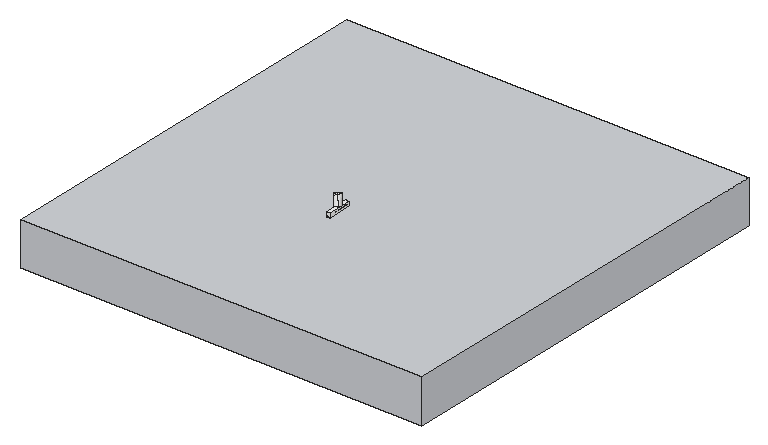
Revit family "Zumtobel SUPERSYSTEM II M1", category Lighting Fixtures, host Face, Revit 2016
Family settings
  Host = Face
  Part Type = Normal
  Round Connector Dimension = Use Diameter
  OmniClass Number = 23.80.70.11
  OmniClass Title = Luminaries for Internal Lighting
  Cut with Voids When Loaded = No
  Light Source = No
  Shared = No
  Room Calculation Point = No
Parameters (values of type "SUP2 M 1/LED550-940 WFL LDO WH")
  Wattage Comments = ""
  Voltage = 230 V
  URL = "http://www.zumtobel.com/42927632"
  Type Comments = "© Zumtobel. We reserve the right to make technical changes without prior notice."  # constant formula
  Reflector = Zumtobel_Cover_Self_llumination_Opaque
  Model = "42927632"
  Rotation [instance] = 45.00°
  Angle [instance] = 75.00°
  Manufacturer = "Zumtobel Lighting"  # constant formula
  Length = 166 mm  # constant formula
  Lamp = "LED"
  Height = 74 mm  # constant formula
  Description = "LED spot luminaires"  # constant formula
  Default Elevation = 0 mm
  Body = Zumtobel_Metal_White
  Assembly Code = "D5020200"
  Apparent Load = 0 VA  # constant formula
Reference planes
  plane 1 "Center (Front/Back)": y = 0
  plane 2 "Top": z = 0
  plane 3 "Center (Left/Right)": x = 399.5
  plane 4 "Base": z = 30
Forms (mm)
  Extrusion 1, solid
    sketch origin (116.179, 575, 0) x (1, 0, 0) y (0, 1, 0)
      loop
        line (-1016.679, 1125) -> (-1016.679, -1737.29) -> (1803.321, -1737.29) -> (1803.321, 1125) -> (-1016.679, 1125)
    from 0 to -304.8
  Extrusion 2, solid, material "Zumtobel_Metal_White" <- "Body"
    sketch origin (0, 0, 0) x (1, 0, 0) y (0, 0, 1)
      loop
        line (386.5, 30) -> (386.5, 0) -> (390.114, 0) -> (390.114, 1.524) -> (388.107, 1.524) -> (388.107, 3.074) -> (390.418, 3.074) -> (393.336, 0.977) -> (396.012, 0.977) -> (397.44, 2.375) -> (401.56, 2.375) -> (402.988, 0.977) -> (405.664, 0.977) -> (408.582, 3.074) -> (410.893, 3.074) -> (410.893, 1.524) -> (408.886, 1.524) -> (408.886, 0) -> (412.5, 0) -> (412.5, 30) -> (386.5, 30)
    from -83 to 83
Lines and regions (mm)
  reference lines
    curve 1: line (399.5, 0, 30) -> (509.383, 109.883, 30)
Dimensions and locks
  "Rotation": angle plane 1 "Center (Front/Back)" to curve 1
  aligned and locked: Extrusion 1 to plane 2 "Top"
  aligned and locked: Extrusion 1 to level
  aligned and locked: plane 3 "Center (Left/Right)" to curve 1
  aligned and locked: plane 1 "Center (Front/Back)" to curve 1
Automatic sketch dimensions
  Extrusion 1 sketch curve to Extrusion 1 sketch curve = 2820 mm
  Extrusion 1 sketch curve to Extrusion 1 sketch curve = 2862.29 mm
  Extrusion 2 sketch curve to level = 0 mm  (x2)
  Extrusion 2 sketch curve to plane 4 "Base" = 0 mm
  plane 3 "Center (Left/Right)" to Extrusion 2 sketch curve = 13 mm
  Extrusion 2 sketch curve to Extrusion 2 sketch curve = 1.607 mm
  Extrusion 2 sketch curve to Extrusion 2 sketch curve = 2.007 mm  (x2)
  Extrusion 2 sketch curve to Extrusion 2 sketch curve = 0.304 mm  (x2)
  level to Extrusion 2 sketch curve = 0.977 mm  (x2)
  Extrusion 2 sketch curve to Extrusion 2 sketch curve = 3.223 mm
  Extrusion 2 sketch curve to Extrusion 2 sketch curve = 2.675 mm  (x2)
  Extrusion 2 sketch curve to Extrusion 2 sketch curve = 1.429 mm  (x2)
  Extrusion 2 sketch curve to plane 3 "Center (Left/Right)" = 2.06 mm
  level to Extrusion 2 sketch curve = 3.074 mm
  Extrusion 2 sketch curve to Extrusion 2 sketch curve = 2.919 mm
  Extrusion 2 sketch curve to plane 3 "Center (Left/Right)" = 13 mm
  Extrusion 2 sketch curve to Extrusion 2 sketch curve = 1.524 mm  (x2)
  Extrusion 2 sketch curve to Extrusion 2 sketch curve = 1.398 mm
  Extrusion 2 sketch curve to Extrusion 2 sketch curve = 1.551 mm
Nested families
  nested 1: "Zumtobel SUPERSYSTEM II Body" at (148.477, 31.82, 44) x (-0.7071, 0.7071, 0) z (0, 0, 1), Angle <- "Angle", type "SUP2 S 3/LED350-940 FL LDO BK"
    with swarmControl no, sensControl yes, Angle 75.00°, Apparent Load 5 VA
Definition of nested family "Zumtobel SUPERSYSTEM II Body"
  Parameters (values of type "SUP2 S 3/LED350-940 FL LDO BK")
    swarmControl [instance] = no
    sensControl [instance] = not(swarmControl)  # yes
    Wattage = 3.78344 W
    built-in parameter 1150110 = 1 (stored number, unit not read)
    Voltage = 230 V
    URL = "http://www.zumtobel.com/42927632\r\n42185393"
    Type Comments = "© Zumtobel. We reserve the right to make technical changes without prior notice."  # constant formula
    built-in parameter 1114217 = 1 (stored number, unit not read)
    Tilt Angle = 0.00°
    built-in parameter 1150109 = 1 (stored number, unit not read)
    built-in parameter 1150134 = 12
    built-in parameter 1150113 = 1 (stored number, unit not read)
    Photometric Web File = "42927632_(STD_LEO).IES"
    Model = "42927632"
    Manufacturer = "Zumtobel Lighting"  # constant formula
    built-in parameter 1150105 = 585.77 (stored number, unit not read)
    Lumens = 562 lm
    built-in parameter 1150115 = 1 (stored number, unit not read)
    built-in parameter 1150137 = (empty or 0)
    built-in parameter 1150139 = (empty or 0)
    built-in parameter 1150112 = 1 (stored number, unit not read)
    built-in parameter 1150114 = 1 (stored number, unit not read)
    Lamp = "LED"
    built-in parameter 1150132 = 2
    built-in parameter 1150102 = (empty or 0)
    built-in parameter 1150107 = 4000 (stored number, unit not read)
    built-in parameter 1150138 = (empty or 0)
    built-in parameter 1150106 = 5.8577 (stored number, unit not read)
    built-in parameter 1150104 = 13.8 (stored number, unit not read)
    Dimming Lamp Color Temperature Shift = (empty or 0)
    Description = "LED accent spot"  # constant formula
    Default Elevation = 0 mm
    Cover = none
    Color Filter = 16777215
    Body = none
    built-in parameter 1114218 = 1 (stored number, unit not read)
    built-in parameter 1150133 = 10 (stored number, unit not read)
    Assembly Code = "D5020210"
    Apparent Load = 8.2 VA
    Angle [instance] = 45.00°
  Reference planes
    plane 1: z = 0
    plane 2 "Center (Front/Back)": y = -155
    plane 3 "Center (Left/Right)": x = -200
    plane 4: z = -14
  Forms (mm)
    Revolve 1, solid, material <- "Body"
      sketch origin (-200, -155, 0) x (0.707107, 0, 0.707107) y (-0.707107, 0, 0.707107)
        loop
          line (52, 0) -> (52, 21.5) -> (60, 21.5) -> (60, 22.5) -> (-6, 22.5) -> (-6, 0) -> (52, 0)
        axis (-6, 0) -> (60, 0)
      angle from 0 to 360
    Extrusion 2, solid, material <- "Body"
      sketch origin (0, 0, 0) x (1, 0, 0) y (0, 1, 0)
        loop
          circle (-200, -155) r 2.5
      from -14 to 0
    Revolve 3, void
      sketch origin (-200, -155, 0) x (0.707107, 0, 0.707107) y (-0.707107, 0, 0.707107)
        loop
          line (0, -38.499) -> (3, -38.499) -> (3, 0)
          arc (3, 0) -> (2.121, 2.121) -> (0, 3) r 3
          line (0, 3) -> (0, -38.499)
        axis (0, -38.499) -> (0, 3)
      angle from -90 to 90
    Extrusion 4, void
      sketch origin (-200, -155, 0) x (0, -1, 0) y (-0.707107, 0, 0.707107)
        loop
          line (-3, -41.238) -> (3, -41.238) -> (3, 0)
          arc (3, 0) -> (0, 3) -> (-3, 0) r 3
          line (-3, 0) -> (-3, -41.238)
      from 0 to 10
  Cuts and joins
    Revolve 3, Extrusion 4 cuts Revolve 1
  Lines and regions (mm)
    reference lines
      curve 1: line (-200, -155, 0) -> (-163.23, -155, 36.77)
      curve 2: line (-163.23, -155, 36.77) -> (-198.586, -155, 72.125)
  Dimensions and locks
    "Angle": angle plane 1 to curve 1
    aligned and locked: plane 3 "Center (Left/Right)" to curve 1
    aligned and locked: plane 1 to curve 1
    aligned and locked: imposter light to curve 2  (x2)
  Automatic sketch dimensions
    plane 2 "Center (Front/Back)" to Extrusion 2 sketch curve = 0 mm
    Extrusion 2 sketch curve to plane 3 "Center (Left/Right)" = 0 mm
    curve 1 to Revolve 1 sketch curve = 0 mm
    Revolve 1 sketch curve to curve 1 = 0 mm  (x2)
    curve 1 to Revolve 1 sketch curve = 21.5 mm
    curve 1 to Revolve 1 sketch curve = 8 mm
    Revolve 1 sketch curve to Revolve 1 sketch curve = 1 mm
    Revolve 1 sketch curve to Revolve 1 sketch curve = 53 mm
    Revolve 1 sketch curve to Revolve 1 sketch curve = 10 mm
    Revolve 1 sketch curve to curve 1 = 6 mm
    curve 2 to curve 1 = 0 mm  (x2)
    curve 1 to curve 2 = 50 mm
    Extrusion 4 sketch curve to plane 2 "Center (Front/Back)" = 0 mm
    Extrusion 4 sketch curve to plane 2 "Center (Front/Back)" = 3 mm
    Extrusion 4 sketch curve to Extrusion 4 sketch curve = 41.238 mm
    curve 1 to Revolve 3 sketch curve = 0 mm
    Revolve 3 sketch curve to curve 1 = 0 mm  (x2)
    Revolve 3 sketch curve to curve 1 = 38.499 mm
    curve 1 to Revolve 3 sketch curve = 3 mm  (x2)
    curve 1 to Revolve 3 sketch curve = 10.417 mm
    radius of Extrusion 2 sketch curve = 2.5 mm
